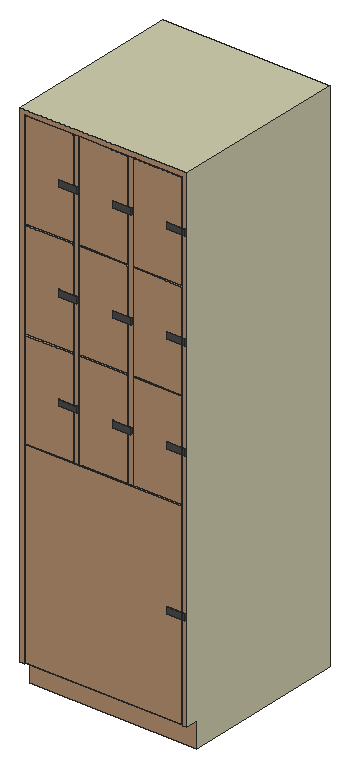
Revit family "Cabinet_Wenger_UltraStor_03", category Furniture, Revit 2015
Parameters (values of type "UltraStor Cabinet #03 - Comp Wood Doors")
  URL = "https://www.wengercorp.com/"
  Type Comments = ""
  Specification = "http://www.arcat.com/sdspecs/htm04/12_35_83wen.htm"
  Shelf Thickness = 0' - 1 1/8"
  Sales Information = "https://www.wengercorp.com/contact-us.php"
  Revision = "R1_2018-04"
  Rear Panel Thickness = 0' - 0 3/4"
  Product Data = "http://www.arcat.com/arcatcos/cos36/arc36487.html"
  Manufacturer Website = "https://www.wengercorp.com/"
  Manufacturer Phone - Toll Free = "800-4WENGER"
  Manufacturer Phone = "(507) 455-4100"
  Manufacturer Fax = "(507) 455-4258"
  Manufacturer Address = "555 Park Dr., Owatonna, MN 55060"
  Keynote = "12 35 83"
  HasDoors = yes
  Green Building-LEED = "http://www.arcat.com/green/clients/leed_data_36487.html"
  Drawn By = "Sumex Design, Inc. / Robert S. Weygant, CSI, CDT, SCIP"
  Door Width = (Cabinet Width - 0' 3") / 3  # 0' - 8.16667"
  Door Style = Door_Base : Solid Door
  Door Material [instance] = Wenger Cherry (Use Cherry Edge Band Only)
  Door Height = (Cabinet Height - 0' 4 3/4") / 5  # 1' - 4.175"
  Toe Kick Material [instance] = Wenger Cherry (Use Cherry Edge Band Only)
  RH End Panel [instance] = no
  Model = "#03"
  Manufacturer = "Wenger Corporation"
  LH End Panel [instance] = no
  End Panel Material [instance] = Wenger Cherry (Use Cherry Edge Band Only)
  Edge Banding Material [instance] = Wenger Cherry (Use Cherry Edge Band Only)
  Cost = 0
  Copyright = "© 2018 Arcat Inc."
  Construction Details = "http://www.arcat.com/details/wengerco/wengerco.html?coid=36487"
  Body Material [instance] = Wenger - Oyster
  Description = "Wenger UltraStor Cabinet #03 - Comp Wood Doors"
  Cabinet Width = 2' - 3 1/2"
  Cabinet Height = 7' - 1 5/8"
  Installed Depth = 2' - 5 1/4"
  Cabinet Panel Thickness = 0' - 0 3/4"
  Assembly Code = "E2010200"
Types (14): name | Rear Panel Thickness | HasDoors | Door Width | Door Style | Door Material | Model | Description | Cabinet Width | Installed Depth
  Acoustic Cabinet #03 - No Doors | 0' - 3 1/4" | no | 0' - 8.16667" | Door_Base : Solid Door | none | "#03A" | "Wenger Acoustic Cabinet #03 - No Doors" | 2' - 3 1/2" | 2' - 7 3/4"
  Narrow Acoustic Cabinet #03 - No Doors | 0' - 3 1/4" | no | 0' - 6.16667" | Door_Base : Solid Door | none | "#03NA" | "Wenger Narrow Acoustic Cabinet #03 - No Doors" | 1' - 9 1/2" | 2' - 7 3/4"
  Narrow Acoustic Cabinet #03 - Comp Waterfall Grille Doors | 0' - 3 1/4" | yes | 0' - 6.16667" | Door_Base : Waterfall | Painted Black | "#03NA" | "Wenger Narrow Acoustic Cabinet #03 - Comp Waterfall Grille Doors" | 1' - 9 1/2" | 2' - 7 3/4"
  Acoustic Cabinet #03 - Comp Grille Doors | 0' - 3 1/4" | yes | 0' - 8.16667" | Door_Base : Bars | Painted Black | "#03A" | "Wenger Acoustic Cabinet #03 - Comp Grille Doors" | 2' - 3 1/2" | 2' - 7 3/4"
  Acoustic Cabinet #03 - Comp Waterfall Grille Doors | 0' - 3 1/4" | yes | 0' - 8.16667" | Door_Base : Waterfall | Painted Black | "#03A" | "Wenger Acoustic Cabinet #03 - Comp Waterfall Grille Doors" | 2' - 3 1/2" | 2' - 7 3/4"
  Narrow Acoustic Cabinet #03 - Comp Grille Doors | 0' - 3 1/4" | yes | 0' - 6.16667" | Door_Base : Bars | Painted Black | "#03NA" | "Wenger Narrow Acoustic Cabinet #03 - Comp Grille Doors" | 1' - 9 1/2" | 2' - 7 3/4"
  UltraStor Cabinet #03 - No Doors | 0' - 0 3/4" | no | 0' - 8.16667" | Door_Base : Solid Door | none | "#03" | "Wenger UltraStor Cabinet #03 - No Doors" | 2' - 3 1/2" | 2' - 5 1/4"
  Narrow UltraStor Cabinet #03 - No Doors | 0' - 0 3/4" | no | 0' - 6.16667" | Door_Base : Solid Door | none | "#03N" | "Wenger Narrow Cabinet #03 - No Doors" | 1' - 9 1/2" | 2' - 5 1/4"
  Narrow UltraStor Cabinet #03 - Comp Waterfall Grille Doors | 0' - 0 3/4" | yes | 0' - 6.16667" | Door_Base : Waterfall | Painted Black | "#03N" | "Wenger Narrow Cabinet #03 - Comp Waterfall Grille Doors" | 1' - 9 1/2" | 2' - 5 1/4"
  UltraStor Cabinet #03 - Comp Wood Doors | 0' - 0 3/4" | yes | 0' - 8.16667" | Door_Base : Solid Door | Wenger Cherry (Use Cherry Edge Band Only) | "#03" | "Wenger UltraStor Cabinet #03 - Comp Wood Doors" | 2' - 3 1/2" | 2' - 5 1/4"
  UltraStor Cabinet #03 - Comp Grille Doors | 0' - 0 3/4" | yes | 0' - 8.16667" | Door_Base : Bars | Painted Black | "#03" | "Wenger UltraStor Cabinet #03 - Comp Grille Doors" | 2' - 3 1/2" | 2' - 5 1/4"
  Narrow UltraStor Cabinet #03 - Comp Grille Doors | 0' - 0 3/4" | yes | 0' - 6.16667" | Door_Base : Bars | Painted Black | "#03N" | "Wenger Narrow Cabinet #03 - Comp Grille Doors" | 1' - 9 1/2" | 2' - 5 1/4"
  UltraStor Cabinet #03 - Comp Waterfall Grille Doors | 0' - 0 3/4" | yes | 0' - 8.16667" | Door_Base : Waterfall | Painted Black | "#03" | "Wenger UltraStor Cabinet #03 - Comp Waterfall Grille Doors" | 2' - 3 1/2" | 2' - 5 1/4"
  Narrow UltraStor Cabinet #03 - Comp Wood Doors | 0' - 0 3/4" | yes | 0' - 6.16667" | Door_Base : Solid Door | Wenger Cherry (Use Cherry Edge Band Only) | "#03N" | "Wenger Narrow Cabinet #03 - Comp Wood Doors" | 1' - 9 1/2" | 2' - 5 1/4"
Reference planes (in)
  plane 1 "Front": y = 0
  plane 2: z = 0
  plane 3 "Left": x = 0
  plane 4 "Right": x = 27.5
  plane 5 "Back": y = 29.25
  plane 6 "Top": z = 85.625
  plane 7: z = 4
  plane 8: z = 20.175
  plane 9: z = 36.35
  plane 10: z = 52.525
  plane 11: z = 68.7
  plane 12: x = 0.75
  plane 13: x = 26.75
  plane 14: z = 84.875
  plane 15: x = 8.91667
  plane 16: x = 9.66667
  plane 17: x = 17.83333
  plane 18: x = 18.58333
  plane 19: y = 28.5
  plane 20: y = 2
  plane 21: y = 0.75
  plane 22: z = 21.3
  plane 23: z = 37.475
  plane 24: z = 53.65
  plane 25: z = 69.825
  plane 26: z = 5.125
Forms (in)
  Extrusion 1, solid, material "Wenger - Oyster" <- "Body Material"
    sketch origin (0, 0, 0) x (0, 1, 0) y (0, 0, 1)
      loop
        line (0, 85.625) -> (0, 4) -> (2, 4) -> (2, 0) -> (29.25, 0) -> (29.25, 85.625) -> (0, 85.625)
    from 0 to 27.5
  Extrusion 2, void
    sketch origin (0, 0, 0) x (0, 1, 0) y (0, 0, 1)
      loop
        line (-5.5, 84.875) -> (-5.5, 36.35) -> (0.75, 36.35)
        arc (0.75, 36.35) -> (1.18296, 37.12588) -> (2, 37.475) r 1.375
        line (2, 37.475) -> (28.5, 37.475) -> (28.5, 52.525) -> (0.75, 52.525)
        arc (0.75, 52.525) -> (1.18296, 53.30088) -> (2, 53.65) r 1.375
        line (2, 53.65) -> (28.5, 53.65) -> (28.5, 68.7) -> (0.75, 68.7)
        arc (0.75, 68.7) -> (1.18296, 69.47588) -> (2, 69.825) r 1.375
        line (2, 69.825) -> (28.5, 69.825) -> (28.5, 84.875) -> (-5.5, 84.875)
    from 0.75 to 8.91667
  Extrusion 3, void
    sketch origin (0, 0, 0) x (0, 1, 0) y (0, 0, 1)
      loop
        line (-5.5, 84.875) -> (-5.5, 36.35) -> (0.75, 36.35)
        arc (0.75, 36.35) -> (1.18296, 37.12588) -> (2, 37.475) r 1.375
        line (2, 37.475) -> (28.5, 37.475) -> (28.5, 52.525) -> (0.75, 52.525)
        arc (0.75, 52.525) -> (1.18296, 53.30088) -> (2, 53.65) r 1.375
        line (2, 53.65) -> (28.5, 53.65) -> (28.5, 68.7) -> (0.75, 68.7)
        arc (0.75, 68.7) -> (1.18296, 69.47588) -> (2, 69.825) r 1.375
        line (2, 69.825) -> (28.5, 69.825) -> (28.5, 84.875) -> (-5.5, 84.875)
    from 9.66667 to 17.83333
  Extrusion 4, void
    sketch origin (0, 0, 0) x (0, 1, 0) y (0, 0, 1)
      loop
        line (-5.5, 84.875) -> (-5.5, 36.35) -> (0.75, 36.35)
        arc (0.75, 36.35) -> (1.18296, 37.12588) -> (2, 37.475) r 1.375
        line (2, 37.475) -> (28.5, 37.475) -> (28.5, 52.525) -> (0.75, 52.525)
        arc (0.75, 52.525) -> (1.18296, 53.30088) -> (2, 53.65) r 1.375
        line (2, 53.65) -> (28.5, 53.65) -> (28.5, 68.7) -> (0.75, 68.7)
        arc (0.75, 68.7) -> (1.18296, 69.47588) -> (2, 69.825) r 1.375
        line (2, 69.825) -> (28.5, 69.825) -> (28.5, 84.875) -> (-5.5, 84.875)
    from 18.58333 to 26.75
  Extrusion 5, void
    sketch origin (0, 0, 0) x (0, 1, 0) y (0, 0, 1)
      loop
        line (0, 84.875) -> (0, 4) -> (0.0625, 4) -> (0.0625, 84.875) -> (0, 84.875)
    from 0.75 to 26.75
  Extrusion 6, void
    sketch origin (0, 0, 0) x (1, 0, 0) y (0, 0, 1)
      loop
        line (0.75, 36.35) -> (0.75, 5.125) -> (26.75, 5.125) -> (26.75, 36.35) -> (0.75, 36.35)
    from -28.5 to 0
Cuts and joins
  Extrusion 2, Extrusion 3, Extrusion 4, Extrusion 5, Extrusion 6 cuts Extrusion 1
Lines and regions (in)
  Masking region 1
    outline origin (0, 0, 0) x (1, 0, 0) y (0, 1, 0)
      loop
        line (0, 29.25) -> (0, 0) -> (27.5, 0) -> (27.5, 29.25) -> (0, 29.25)
Dimensions and locks (in)
  "Cabinet Panel Thickness": plane 3 "Left" to plane 12
  "Cabinet Panel Thickness": plane 13 to plane 4 "Right"
  "Cabinet Panel Thickness": plane 5 "Back" to plane 19
  locked: plane 1 "Front" to plane 21 at 0.75
  locked: plane 1 "Front" to plane 20 at 2
  "Shelf Thickness": plane 22 to plane 8
  "Shelf Thickness": plane 23 to plane 9
  "Shelf Thickness": plane 24 to plane 10
  "Shelf Thickness": plane 25 to plane 11
  "Cabinet Panel Thickness": plane 6 "Top" to plane 14
  plane 14 to plane 11 to plane 10 to plane 9 = 1' - 4.175", 1' - 4.175", 1' - 4.175"
  "Shelf Thickness": plane 26 to plane 7
  "Cabinet Width": plane 3 "Left" to plane 4 "Right"
  locked: plane 7 to level at 4
  "Cabinet Height": plane 6 "Top" to level
  "Installed Depth": plane 1 "Front" to plane 5 "Back"
  "Door Width": plane 15 to plane 12
  "Door Width": plane 17 to plane 16
  "Door Width": plane 13 to plane 18
  plane 3 "Left" to plane 4 "Right" = 2' - 3 1/2"
  locked: plane 18 to plane 17 at 0.75
  equal spacing: plane 16, nested 2, plane 17
  equal spacing: plane 5 "Back", nested 2, plane 1 "Front"
  nested 12 to plane 4 "Right" = 1' - 1 3/4"
  aligned and locked: Extrusion 1 sketch curve to plane 6 "Top"
  aligned and locked: Extrusion 1 sketch curve to plane 5 "Back"
  aligned and locked: Extrusion 1 sketch curve to plane 1 "Front"
  aligned and locked: Extrusion 1 sketch curve to plane 7
  aligned and locked: Extrusion 1 sketch curve to plane 20
  aligned and locked: Extrusion 1 sketch curve to level
  aligned and locked: Extrusion 1 to plane 4 "Right"
  aligned and locked: Extrusion 1 to plane 3 "Left"
  aligned and locked: Extrusion 2 sketch curve to plane 14
  aligned and locked: Extrusion 2 sketch curve to plane 19
  aligned and locked: Extrusion 2 sketch curve to plane 11
  aligned and locked: Extrusion 2 sketch curve to plane 24
  aligned and locked: Extrusion 2 sketch curve to plane 10
  aligned and locked: Extrusion 2 sketch curve to plane 23
  aligned and locked: Extrusion 2 sketch curve to plane 9
  aligned and locked: Extrusion 2 sketch curve to plane 25
  aligned and locked: Extrusion 2 to plane 12
  aligned and locked: plane 15 to Extrusion 2
  aligned and locked: plane 17 to Extrusion 3
  aligned and locked: Extrusion 3 to plane 16
  aligned and locked: Extrusion 4 to plane 13
  aligned and locked: Extrusion 4 to plane 18
  aligned and locked: Extrusion 5 sketch curve to cut or joined group of Extrusion 1, Extrusion 2, Extrusion 3, Extrusion 4, Extrusion 5, Extrusion 6  (x3)
  aligned and locked: Extrusion 5 to plane 13
  aligned and locked: Extrusion 5 to plane 12
  aligned and locked: plane 10 to nested 11
  aligned and locked: nested 3 to plane 12
  aligned and locked: plane 15 to nested 3
  aligned and locked: nested 3 to plane 11
  aligned and locked: plane 14 to nested 3
  aligned and locked: plane 14 to nested 4
  aligned and locked: nested 4 to plane 11
  aligned and locked: nested 4 to plane 16
  aligned and locked: plane 17 to nested 4
  aligned and locked: cut or joined group of Extrusion 1, Extrusion 2, Extrusion 3, Extrusion 4, Extrusion 5, Extrusion 6 to plane 18
  aligned and locked: cut or joined group of Extrusion 1, Extrusion 2, Extrusion 3, Extrusion 4, Extrusion 5, Extrusion 6 to plane 13
  aligned and locked: plane 14 to nested 5
  aligned and locked: nested 5 to plane 11
  aligned and locked: plane 11 to cut or joined group of Extrusion 1, Extrusion 2, Extrusion 3, Extrusion 4, Extrusion 5, Extrusion 6  (x2)
  aligned and locked: plane 11 to nested 7
  aligned and locked: plane 11 to nested 8
  aligned and locked: plane 11 to nested 6
  aligned and locked: nested 8 to plane 10
  aligned and locked: nested 7 to plane 10
  aligned and locked: nested 6 to plane 10
  aligned and locked: plane 10 to cut or joined group of Extrusion 1, Extrusion 2, Extrusion 3, Extrusion 4, Extrusion 5, Extrusion 6
  aligned and locked: plane 10 to nested 10
  aligned and locked: plane 10 to nested 9
  aligned and locked: nested 9 to plane 9
  aligned and locked: nested 10 to plane 9
  aligned and locked: nested 11 to plane 9
  aligned and locked: nested 11 to plane 13
  aligned and locked: nested 8 to plane 13
  aligned and locked: nested 5 to plane 13
  aligned and locked: nested 5 to plane 18
  aligned and locked: nested 8 to plane 18
  aligned and locked: nested 11 to plane 18
  aligned and locked: plane 17 to cut or joined group of Extrusion 1, Extrusion 2, Extrusion 3, Extrusion 4, Extrusion 5, Extrusion 6
  aligned and locked: plane 17 to nested 10
  aligned and locked: plane 17 to nested 7
  aligned and locked: nested 10 to plane 16
  aligned and locked: nested 7 to plane 16
  aligned and locked: plane 15 to nested 9
  aligned and locked: plane 15 to nested 6
  aligned and locked: nested 6 to plane 12
  aligned and locked: nested 9 to plane 12
  aligned and locked: nested 12 to plane 12
  aligned and locked: plane 7 to cut or joined group of Extrusion 1, Extrusion 2, Extrusion 3, Extrusion 4, Extrusion 5, Extrusion 6
  aligned and locked: nested 12 to plane 7
  aligned and locked: plane 1 "Front" to nested 13
  aligned and locked: nested 13 to level
  aligned and locked: nested 13 to plane 4 "Right"
  aligned and locked: Masking region 1 sketch curve to plane 5 "Back"
  aligned and locked: Masking region 1 sketch curve to plane 1 "Front"
  aligned and locked: plane 3 "Left" to Masking region 1 sketch curve
  aligned and locked: plane 4 "Right" to Masking region 1 sketch curve
  aligned and locked: plane 9 to nested 12
  aligned and locked: nested 12 to plane 13
  aligned and locked: Extrusion 6 sketch curve to nested 12  (x2)
  aligned and locked: plane 26 to Extrusion 6 sketch curve
  aligned and locked: plane 13 to Extrusion 6 sketch curve
  aligned and locked: plane 19 to Extrusion 6
  aligned and locked: plane 1 "Front" to Extrusion 6
Automatic sketch dimensions
  Extrusion 3 sketch curve to plane 14 = 0' - 0"
  Extrusion 3 sketch curve to plane 11 = 0' - 0"
  Extrusion 3 sketch curve to plane 21 = 0' - 0"  (x3)
  Extrusion 3 sketch curve to plane 10 = 0' - 0"
  Extrusion 3 sketch curve to plane 20 = 0' - 0"  (x3)
  Extrusion 3 sketch curve to plane 19 = 0' - 0"  (x3)
  Extrusion 3 sketch curve to plane 23 = 0' - 0"
  Extrusion 3 sketch curve to plane 24 = 0' - 0"
  Extrusion 3 sketch curve to plane 25 = 0' - 0"
  plane 1 "Front" to Extrusion 3 sketch curve = 0' - 5 1/2"
  Extrusion 3 sketch curve to plane 20 = 0' - 0.10279"  (x3)
  plane 21 to Extrusion 5 sketch curve = 0' - 0 11/16"
  Extrusion 4 sketch curve to plane 14 = 0' - 0"
  Extrusion 4 sketch curve to plane 9 = 0' - 0"
  Extrusion 4 sketch curve to plane 21 = 0' - 0"  (x3)
  Extrusion 4 sketch curve to plane 11 = 0' - 0"
  Extrusion 4 sketch curve to plane 10 = 0' - 0"
  Extrusion 4 sketch curve to plane 20 = 0' - 0"  (x3)
  Extrusion 4 sketch curve to plane 19 = 0' - 0"  (x3)
  Extrusion 4 sketch curve to plane 23 = 0' - 0"
  Extrusion 4 sketch curve to plane 24 = 0' - 0"
  Extrusion 4 sketch curve to plane 25 = 0' - 0"
  plane 1 "Front" to Extrusion 4 sketch curve = 0' - 5 1/2"
  Extrusion 4 sketch curve to plane 20 = 0' - 0.10279"  (x3)
  Extrusion 2 sketch curve to plane 21 = 0' - 0"  (x3)
  Extrusion 2 sketch curve to plane 20 = 0' - 0"  (x3)
  Extrusion 2 sketch curve to plane 19 = 0' - 0"  (x2)
  plane 1 "Front" to Extrusion 2 sketch curve = 0' - 5 1/2"
  Extrusion 2 sketch curve to plane 20 = 0' - 0.10279"  (x3)
  Extrusion 3 sketch curve to plane 9 = 0' - 0"
Nested families (in)
  nested 1: "End Panel" at (0, 14.25, 0) x (0, -1, 0) z (0, 0, 1), End Panel Material <- "End Panel Material", visible <- "LH End Panel", Edge Banding Material <- "Edge Banding Material", type "End Panel"
    with End Panel Material Wenger Cherry (Use Cherry Edge Band Only), Edge Banding Material Wenger Cherry (Use Cherry Edge Band Only), End Panel Depth 2' - 5 1/4"
  nested 2: "Labels" at (13.75, 14.625, 0), type "Labels"
  nested 3: "Door_Base" at (4.83333, 0, 68.7) x (1, 0, 0) z (0, -1, 0), type <- "Door Style", Height <- "Door Height", Width <- "Door Width", visible <- "HasDoors", type "Solid Door", detail levels medium+fine
    with vBars 6, Width 0' - 8.16667", ToeKick Height 0' - 4", MidBar no, Height 1' - 4.175", BarHt 1' - 3.675", 2HzBars no
  nested 4: "Door_Base" at (13.75, 0, 68.7) x (1, 0, 0) z (0, -1, 0), type <- "Door Style", Height <- "Door Height", Width <- "Door Width", visible <- "HasDoors", type "Solid Door", detail levels medium+fine
    with vBars 6, Width 0' - 8.16667", ToeKick Height 0' - 4", MidBar no, Height 1' - 4.175", BarHt 1' - 3.675", 2HzBars no
  nested 5: "Door_Base" at (22.66667, 0, 68.7) x (1, 0, 0) z (0, -1, 0), type <- "Door Style", Height <- "Door Height", Width <- "Door Width", visible <- "HasDoors", type "Solid Door", detail levels medium+fine
    with vBars 6, Width 0' - 8.16667", ToeKick Height 0' - 4", MidBar no, Height 1' - 4.175", BarHt 1' - 3.675", 2HzBars no
  nested 6: "Door_Base" at (4.83333, 0, 52.525) x (1, 0, 0) z (0, -1, 0), type <- "Door Style", Height <- "Door Height", Width <- "Door Width", visible <- "HasDoors", type "Solid Door", detail levels medium+fine
    with vBars 6, Width 0' - 8.16667", ToeKick Height 0' - 4", MidBar no, Height 1' - 4.175", BarHt 1' - 3.675", 2HzBars no
  nested 7: "Door_Base" at (13.75, 0, 52.525) x (1, 0, 0) z (0, -1, 0), type <- "Door Style", Height <- "Door Height", Width <- "Door Width", visible <- "HasDoors", type "Solid Door", detail levels medium+fine
    with vBars 6, Width 0' - 8.16667", ToeKick Height 0' - 4", MidBar no, Height 1' - 4.175", BarHt 1' - 3.675", 2HzBars no
  nested 8: "Door_Base" at (22.66667, 0, 52.525) x (1, 0, 0) z (0, -1, 0), type <- "Door Style", Height <- "Door Height", Width <- "Door Width", visible <- "HasDoors", type "Solid Door", detail levels medium+fine
    with vBars 6, Width 0' - 8.16667", ToeKick Height 0' - 4", MidBar no, Height 1' - 4.175", BarHt 1' - 3.675", 2HzBars no
  nested 9: "Door_Base" at (4.83333, 0, 36.35) x (1, 0, 0) z (0, -1, 0), type <- "Door Style", Height <- "Door Height", Width <- "Door Width", visible <- "HasDoors", type "Solid Door", detail levels medium+fine
    with vBars 6, Width 0' - 8.16667", ToeKick Height 0' - 4", MidBar no, Height 1' - 4.175", BarHt 1' - 3.675", 2HzBars no
  nested 10: "Door_Base" at (13.75, 0, 36.35) x (1, 0, 0) z (0, -1, 0), type <- "Door Style", Height <- "Door Height", Width <- "Door Width", visible <- "HasDoors", type "Solid Door", detail levels medium+fine
    with vBars 6, Width 0' - 8.16667", ToeKick Height 0' - 4", MidBar no, Height 1' - 4.175", BarHt 1' - 3.675", 2HzBars no
  nested 11: "Door_Base" at (22.66667, 0, 36.35) x (1, 0, 0) z (0, -1, 0), type <- "Door Style", Height <- "Door Height", Width <- "Door Width", visible <- "HasDoors", type "Solid Door", detail levels medium+fine
    with vBars 6, Width 0' - 8.16667", ToeKick Height 0' - 4", MidBar no, Height 1' - 4.175", BarHt 1' - 3.675", 2HzBars no
  nested 12: "Door_Base" at (13.75, 0, 4) x (1, 0, 0) z (0, -1, 0), type <- "Door Style", visible <- "HasDoors", type "Solid Door", detail levels medium+fine
    with vBars 24, Width 2' - 2", ToeKick Height 0' - 4", MidBar no, Height 2' - 8.35", BarHt 2' - 7.85", 2HzBars no
  nested 13: "End Panel" at (28.25, 14.25, 0) x (0, -1, 0) z (0, 0, 1), End Panel Material <- "End Panel Material", Edge Banding Material <- "Edge Banding Material", visible <- "RH End Panel", type "End Panel"
    with End Panel Material Wenger Cherry (Use Cherry Edge Band Only), Edge Banding Material Wenger Cherry (Use Cherry Edge Band Only), End Panel Depth 2' - 5 1/4"
Definition of nested family "End Panel"
  Parameters (values of type "End Panel")
    End Panel Material [instance] = none
    End Panel Height = 7' - 1 5/8"
    End Panel Depth = 1' - 9 3/4"
    Edge Banding Material [instance] = none
    Default Elevation = 4' - 0"
    Assembly Code = ""
  Reference planes (in)
    plane 1 "Center (Front/Back)": y = 0
    plane 2: z = 0
    plane 3 "Center (Left/Right)": x = 0
    plane 4: x = -15
    plane 5: x = 6.75
    plane 6: z = 4
    plane 7: x = 4.75
    plane 8: z = 85.625
    plane 9: y = -0.75
  Forms (in)
    Extrusion 1, solid, material <- "End Panel Material"
      sketch origin (0, 0, 0) x (1, 0, 0) y (0, 0, 1)
        loop
          line (-15, 85.625) -> (-15, 0) -> (4.75, 0) -> (4.75, 4) -> (6.75, 4) -> (6.75, 85.625) -> (-15, 85.625)
      from 0 to 0.75
  Lines and regions (in)
    Masking region 1, detail levels coarse+medium
      outline origin (0, 0, 0) x (1, 0, 0) y (0, 1, 0)
        loop
          line (-15, 0) -> (-15, -0.75) -> (6.75, -0.75) -> (6.75, 0) -> (-15, 0)
  Dimensions and locks (in)
    locked: plane 7 to plane 5 at 2
    locked: plane 6 to level at 4
    "End Panel Height": plane 8 to level
    "End Panel Depth": plane 5 to plane 4
    locked: plane 9 to plane 1 "Center (Front/Back)" at 0.75
    aligned and locked: plane 4 to Extrusion 1 sketch curve
    aligned and locked: level to Extrusion 1 sketch curve
    aligned and locked: plane 7 to Extrusion 1 sketch curve
    aligned and locked: plane 6 to Extrusion 1 sketch curve
    aligned and locked: Extrusion 1 sketch curve to plane 5
    aligned and locked: Extrusion 1 sketch curve to plane 8
    aligned and locked: Extrusion 1 to plane 9
    aligned and locked: Extrusion 1 to plane 1 "Center (Front/Back)"
    aligned and locked: plane 4 to Masking region 1 sketch curve
    aligned and locked: Masking region 1 sketch curve to plane 5
    aligned and locked: plane 1 "Center (Front/Back)" to Masking region 1 sketch curve
    aligned and locked: plane 9 to Masking region 1 sketch curve
Definition of nested family "Door_Base"
  Parameters (values of type "None")
    vBars [instance] = (Width - 0' 2") / 0' 1"  # 6
    Width [instance] = 0' - 8"
    ToeKick Height [instance] = 0' - 4"
    Thickness = 0' - 0 3/4"
    Solid Door = no
    Shelf Thickness = 0' - 0 3/4"
    Panel Thickness = 0' - 0 3/4"
    MidBar [instance] = and(Height < 1' 6", HasDoor, not(Solid Door))  # no
    Height [instance] = 1' - 2 5/8"
    HasDoor = no
    Edge Banding = none
    DoorGap = 0' - 0 1/8"
    Door Finish = none
    Depth = 2' - 0"
    Default Elevation = 4' - 0"
    Bars = no
    BarStyle = Bars : Waterfall
    BarHt [instance] = Height - 0' 0 1/2"  # 1' - 2 1/8"
    2HzBars [instance] = and(Height > 1' 6", not(Solid Door))  # no
  Types (4): name | Thickness | Solid Door | MidBar | HasDoor | Bars | BarStyle
    Solid Door | 0' - 0 3/4" | yes | no | yes | no | Bars : Waterfall
    Bars | 0' - 0 1/4" | no | yes | yes | yes | Bars : Straight
    Waterfall | 0' - 0 3/4" | no | yes | yes | yes | Bars : Waterfall
    None | 0' - 0 3/4" | no | no | no | no | Bars : Waterfall
  Reference planes (in)
    plane 1 "Center (Front/Back)": y = 0
    plane 2: z = 0
    plane 3 "Center (Left/Right)": x = 0
    plane 4: x = -4
    plane 5: y = 14.625
    plane 6: x = 4
    plane 7: z = -0.75
    plane 8: x = -3.875
    plane 9: x = 3.875
    plane 10: y = 0.125
    plane 11: y = 14.5
    plane 12: y = -0.75
    plane 13 "CL Elev": y = 7.3125
    plane 14: x = -3.75
    plane 15: x = 3.75
    plane 16 "BtmRail": y = 0.25
    plane 17: y = 14.375
    plane 18: z = -0.125
    plane 19: x = -2.75
    plane 20: x = 2.75
    plane 21: y = 9.66667
    plane 22: y = 4.95833
  Forms (in)
    Extrusion 1, solid, material <- "Door Finish", visible <- "Solid Door", detail levels medium+fine
      sketch origin (0, 0, 0) x (1, 0, 0) y (0, 1, 0)
        loop
          arc (-3.75, 14.5) -> (-3.83839, 14.46339) -> (-3.875, 14.375) r 0.125
          line (-3.875, 14.375) -> (-3.875, 0.25)
          arc (-3.875, 0.25) -> (-3.83839, 0.16161) -> (-3.75, 0.125) r 0.125
          line (-3.75, 0.125) -> (3.75, 0.125)
          arc (3.75, 0.125) -> (3.83839, 0.16161) -> (3.875, 0.25) r 0.125
          line (3.875, 0.25) -> (3.875, 14.375)
          arc (3.875, 14.375) -> (3.83839, 14.46339) -> (3.75, 14.5) r 0.125
          line (3.75, 14.5) -> (-3.75, 14.5)
      from 0 to -0.75
    Sweep 2, solid, material <- "Door Finish", visible <- "Bars", detail levels medium+fine
      path origin (0, 0, 0) x (1, 0, 0) y (0, 1, 0)
        loop
          arc (-3.125, 14.5) -> (-3.65533, 14.28033) -> (-3.875, 13.75) r 0.75
          line (-3.875, 13.75) -> (-3.875, 0.875)
          arc (-3.875, 0.875) -> (-3.65533, 0.34467) -> (-3.125, 0.125) r 0.75
          line (-3.125, 0.125) -> (3.125, 0.125)
          arc (3.125, 0.125) -> (3.65533, 0.34467) -> (3.875, 0.875) r 0.75
          line (3.875, 0.875) -> (3.875, 13.75)
          arc (3.875, 13.75) -> (3.65533, 14.28033) -> (3.125, 14.5) r 0.75
          line (3.125, 14.5) -> (-3.125, 14.5)
      profile origin (0, 14.5, 0) x (0, 1, 0) y (0, 0, 1)
        loop
          circle (-0.125, -0.125) r 0.125
    Extrusion 3, solid, material <- "Door Finish", visible <- "MidBar", detail levels medium+fine
      sketch origin (0, 0, 0) x (0, 1, 0) y (0, 0, 1)
        loop
          circle (7.3125, -0.125) r 0.125
      from -3.75 to 3.75
    Extrusion 4, solid, visible <- "HasDoor", detail levels fine
      sketch origin (0, 0, 0) x (1, 0, 0) y (0, 1, 0)
        loop
          line (1.5, 7.8125) -> (1.5, 6.8125) -> (4.5, 6.8125) -> (4.5, 7.8125) -> (1.5, 7.8125)
      from 0 to 0.125
    Extrusion 5, solid, material <- "Door Finish", visible <- "2HzBars", detail levels medium+fine
      sketch origin (0, 0, 0) x (0, 1, 0) y (0, 0, 1)
        loop
          circle (9.66667, -0.125) r 0.125
        loop
          circle (4.95833, -0.125) r 0.125
      from -3.75 to 3.75
  Lines and regions (in)
    symbolic lines, visible <- "HasDoor", detail levels medium+fine
      curve 1: line (4, 0.25, 0) -> (-4, 0.25, 0)
      curve 2: line (-4, 0.25, 0) -> (-4, 0.25, 8)
      curve 3: arc (4, 0.25, 0) -> (1.65685, 0.25, 5.65685) -> (-4, 0.25, 8) r 8
    symbolic lines, visible <- "HasDoor"
      curve 4: line (3.875, 0.25, 0) -> (3.875, 0.25, -0.75)
      curve 5: line (3.875, 0.25, -0.75) -> (-3.875, 0.25, -0.75)
      curve 6: line (-3.875, 0.25, -0.75) -> (-3.875, 0.25, 0)
    symbolic lines, detail levels medium
      curve 7: line (3.875, 14.5, 0) -> (-3.875, 7.3125, 0)
      curve 8: line (-3.875, 7.3125, 0) -> (3.875, 0.125, 0)
  Dimensions and locks (in)
    "Height": plane 1 "Center (Front/Back)" to plane 5
    "Thickness": level to plane 7
    equal spacing: plane 4, plane 3 "Center (Left/Right)", plane 6
    "Width": plane 4 to plane 6
    "DoorGap": plane 5 to plane 11
    "DoorGap": plane 9 to plane 6
    "DoorGap": plane 4 to plane 8
    "DoorGap": plane 1 "Center (Front/Back)" to plane 10
    "Shelf Thickness": plane 1 "Center (Front/Back)" to plane 12
    equal spacing: plane 1 "Center (Front/Back)", plane 13 "CL Elev", plane 5
    locked: plane 15 to plane 9 at 0.125
    locked: plane 8 to plane 14 at 0.125
    locked: plane 11 to plane 17 at 0.125
    locked: plane 16 "BtmRail" to plane 10 at 0.125
    locked: level to plane 18 at 0.125
    plane 19 to plane 14 = 0' - 1"
    locked: plane 15 to plane 20 at 1
    Extrusion 4 sketch curve to plane 13 "CL Elev" to Extrusion 4 sketch curve = 0' - 0 1/2" locked, 0' - 0 1/2" locked
    locked: plane 6 to Extrusion 4 sketch curve at 0.5
    locked: Extrusion 4 sketch curve to plane 6 at 2.5
    locked: Extrusion 4 to level at 0.125
    equal spacing: group 1, group 3, group 4, group 5, group 6, group 2  (x3)
    equal spacing: plane 17, plane 21, plane 22, plane 16 "BtmRail"
    "Width": radius of curve 3
    aligned and locked: plane 2 to level
    aligned and locked: Extrusion 1 sketch curve to plane 11
    aligned and locked: plane 8 to Extrusion 1 sketch curve
    aligned and locked: Extrusion 1 sketch curve to plane 9
    aligned and locked: plane 10 to Extrusion 1 sketch curve
    aligned and locked: Extrusion 1 to plane 7
    aligned and locked: level to Extrusion 1
    aligned and locked: Sweep 2 sketch curve to plane 11
    aligned and locked: plane 8 to Sweep 2 sketch curve
    aligned and locked: plane 10 to Sweep 2 sketch curve
    aligned and locked: Sweep 2 sketch curve to plane 9
    aligned and locked: plane 15 to Extrusion 3
    aligned and locked: Extrusion 3 to plane 14
    aligned and locked: plane 20 to nested 2
    aligned and locked: plane 19 to nested 1
    aligned and locked: plane 21 to Extrusion 5 sketch curve
    aligned and locked: plane 18 to Extrusion 5 sketch curve  (x2)
    aligned and locked: plane 22 to Extrusion 5 sketch curve
    aligned and locked: Extrusion 5 to Extrusion 3  (x2)
    aligned and locked: plane 4 to curve 3  (x2)
    aligned and locked: level to curve 3
    aligned and locked: plane 7 to curve 5
    aligned and locked: Extrusion 1 to plane 8
    aligned and locked: plane 9 to Extrusion 1
    aligned and locked: plane 10 to curve 8
    aligned and locked: plane 9 to curve 8
    aligned and locked: plane 13 "CL Elev" to curve 8
    aligned and locked: plane 11 to curve 7
    aligned and locked: plane 9 to curve 7
  Automatic sketch dimensions
    plane 8 to Sweep 2 sketch curve = 0' - 0 3/4"  (x2)
    Sweep 2 sketch curve to plane 9 = 0' - 0 3/4"
    Sweep 2 sketch curve to Sweep 2 sketch curve = 0' - 0 3/4"
    Sweep 2 sketch curve to level = 0' - 0 1/8"
    profile plane to Sweep 2 sketch curve = 0' - 0 1/8"
    Extrusion 3 sketch curve to level = 0' - 0 1/8"
    Extrusion 3 sketch curve to plane 13 "CL Elev" = 0' - 0"
    curve 8 to plane 8 = 0' - 0"
    Extrusion 1 sketch curve to plane 14 = 0' - 0"  (x2)
    Extrusion 1 sketch curve to plane 15 = 0' - 0"  (x2)
    curve 5 to plane 9 = 0' - 0"
    curve 6 to plane 8 = 0' - 0"
    radius of Sweep 2 sketch curve = 0' - 0 1/8"
    radius of Extrusion 3 sketch curve = 0' - 0 1/8"
    radius of Extrusion 5 sketch curve = 0' - 0 1/8"  (x2)
  Nested families (in)
    nested 1: "Bars" at (-2.75, 0.25, -0.125) x (1, 0, 0) z (0, 1, 0), type <- "BarStyle", visible <- "Bars", type "Waterfall", detail levels fine
      with Lateral Deviation 0' - 1", Height 1' - 2 1/8"
    nested 2: "Bars" at (2.75, 0.25, -0.125) x (1, 0, 0) z (0, 1, 0), type <- "BarStyle", visible <- "Bars", type "Waterfall", detail levels fine
      with Lateral Deviation 0' - 1", Height 1' - 2 1/8"
    nested 3: "Bars" at (-1.65, 0.25, -0.125) x (1, 0, 0) z (0, 1, 0), type <- "BarStyle", visible <- "Bars", type "Waterfall", detail levels fine
      with Lateral Deviation 0' - 1", Height 1' - 2 1/8"
    nested 4: "Bars" at (-0.55, 0.25, -0.125) x (1, 0, 0) z (0, 1, 0), type <- "BarStyle", visible <- "Bars", type "Waterfall", detail levels fine
      with Lateral Deviation 0' - 1", Height 1' - 2 1/8"
    nested 5: "Bars" at (0.55, 0.25, -0.125) x (1, 0, 0) z (0, 1, 0), type <- "BarStyle", visible <- "Bars", type "Waterfall", detail levels fine
      with Lateral Deviation 0' - 1", Height 1' - 2 1/8"
    nested 6: "Bars" at (1.65, 0.25, -0.125) x (1, 0, 0) z (0, 1, 0), type <- "BarStyle", visible <- "Bars", type "Waterfall", detail levels fine
      with Lateral Deviation 0' - 1", Height 1' - 2 1/8"
  Definition of nested family "Bars"
    Parameters (values of type "Straight")
      WaterFall = no
      Straight = yes
      Lateral Deviation = 0' - 1 1/2"
      Height = 1' - 2 5/8"
      Default Elevation = 4' - 0"
      Bars = none
    Types (3): name | WaterFall | Straight
      (no name) | no | yes
      Waterfall | yes | no
      Straight | no | yes
    Reference planes (in)
      plane 1 "Center (Front/Back)": y = 0
      plane 2: z = 0
      plane 3 "Center (Left/Right)": x = 0
      plane 4: z = 14.625
      plane 5: z = 7.3125
      plane 6: x = 0.75
      plane 7: x = -0.75
      plane 8: z = 10.96875
      plane 9: z = 3.65625
    Forms (in)
      Sweep 1, solid, material <- "Bars", visible <- "WaterFall"
        path origin (0, 0, 0) x (1, 0, 0) y (0, 0, 1)
          loop
            arc (0, 0) -> (0.56057, 1.79006) -> (0.75, 3.65625) r 9.28711
            arc (0.75, 3.65625) -> (0.56057, 5.52244) -> (0, 7.3125) r 9.28711
        profile origin (0.56057, 0, 1.79006) x (-0.979603, 0, 0.200944) y (0, -1, 0)
          loop
            circle (0, 0) r 0.0625
      Sweep 2, solid, material <- "Bars", visible <- "WaterFall"
        path origin (0, 0, 14.625) x (-1, 0, 0) y (0, 0, -1)
          loop
            arc (0, 0) -> (0.56057, 1.79006) -> (0.75, 3.65625) r 9.28711
            arc (0.75, 3.65625) -> (0.56057, 5.52244) -> (0, 7.3125) r 9.28711
        profile origin (-0.56057, 0, 12.83494) x (0.979603, 0, -0.200944) y (0, -1, 0)
          loop
            circle (0, 0) r 0.0625
      Extrusion 3, solid, material <- "Bars", visible <- "Straight"
        sketch origin (0, 0, 0) x (1, 0, 0) y (0, 1, 0)
          loop
            circle (0, 0) r 0.0625
        from 0 to 14.625
    Dimensions and locks (in)
      "Height": plane 4 to level
      equal spacing: plane 6, plane 3 "Center (Left/Right)", plane 7
      "Lateral Deviation": plane 6 to plane 7
      equal spacing: plane 4, plane 8, plane 5, plane 9, level
      aligned and locked: plane 2 to level
      aligned and locked: plane 3 "Center (Left/Right)" to Sweep 1 sketch curve  (x2)
      aligned and locked: level to Sweep 1 sketch curve
      aligned and locked: plane 6 to Sweep 1 sketch curve
      aligned and locked: plane 9 to Sweep 1 sketch curve
      aligned and locked: plane 4 to Sweep 2 sketch curve
      aligned and locked: plane 3 "Center (Left/Right)" to Sweep 2 sketch curve  (x2)
      aligned and locked: plane 8 to Sweep 2 sketch curve
      aligned and locked: plane 7 to Sweep 2 sketch curve
      aligned and locked: plane 5 to Sweep 2 sketch curve
      aligned and locked: plane 4 to Extrusion 3
      aligned and locked: Extrusion 3 to level
    Automatic sketch dimensions
      plane 1 "Center (Front/Back)" to Sweep 1 sketch curve = 0' - 0"
      Sweep 1 sketch curve to profile plane = 0' - 0"
      Sweep 1 sketch curve to Sweep 1 sketch curve = 0' - 0"
      Sweep 2 sketch curve to plane 1 "Center (Front/Back)" = 0' - 0"
      Sweep 2 sketch curve to profile plane = 0' - 0"
      plane 1 "Center (Front/Back)" to Extrusion 3 sketch curve = 0' - 0"
      Extrusion 3 sketch curve to plane 3 "Center (Left/Right)" = 0' - 0"
      radius of Sweep 1 sketch curve = 0' - 0 1/16"
      radius of Sweep 2 sketch curve = 0' - 0 1/16"
      radius of Extrusion 3 sketch curve = 0' - 0 1/16"
Definition of nested family "Labels"
  Parameters
    Cabinet Label = "01"
  Reference planes (in)
    plane 1: y = 0
    plane 2: x = 0
  Text (in)
    label "xxxx" at (-0.00018, 0.00754, 0), shows "Cabinet Label"
